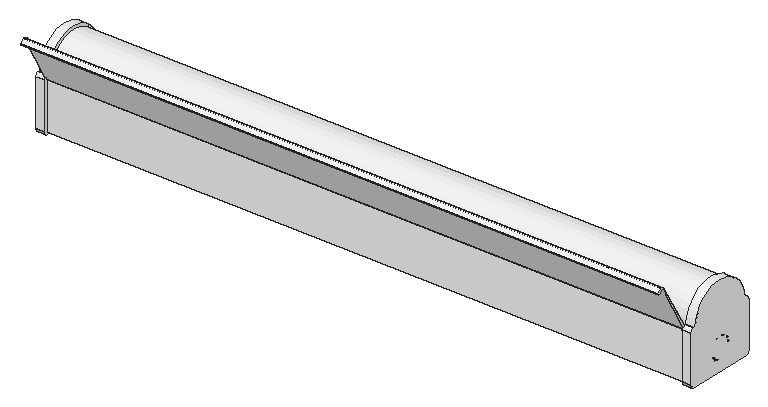
Revit family "0045194+0045232 Feilo Sylvania Lighting Fixture SYLBATTEN LED1 6000K DALI TP5 with ASYMMETRIC REFLECTOR ACCESSORY 600MM", category Lighting Fixtures, host Face, Revit 2017
Family settings
  Host = Face
  Round Connector Dimension = Use Diameter
  Part Type = Normal
  OmniClass Number = 23.80.70.00
  OmniClass Title = Lighting
  Cut with Voids When Loaded = No
  Light Source = Yes
  Shared = No
  Room Calculation Point = No
Parameters (values of type "0045194 SYLBATTEN LED1 6000K DALI TP5")
  Width_FEILO = 66 mm
  Weight = "1.5 kg"
  Wattage Comments = "n/a"
  Wattage = 11 W
  WarrantyStartDate [instance] = "n/a"
  WarrantyGuarantorParts = "n/a"
  WarrantyDurationUnit = "n/a"
  WarrantyDurationParts = "n/a"
  WarrantyDescription = "n/a"
  built-in parameter 1150110 = 1 (stored number, unit not read)
  Voltage = 230 V
  URL = "http://www.sylvania-lighting.com"
  TypeName = "SYLBATTEN LED1 6000K DALI TP5"
  Type Image = <None>
  Type Comments = "n/a"
  built-in parameter 1114217 = 1 (stored number, unit not read)
  Tilt Angle = -90.00°
  built-in parameter 1150109 = 1 (stored number, unit not read)
  built-in parameter 1150134 = 5
  SymReflector_FEILO = no
  built-in parameter 1150113 = 1 (stored number, unit not read)
  SerialNumber [instance] = "n/a"
  PowerFactor = 0
  PowerConsumption = "11 W"
  Photometric Web File = "0045194+0045232.ies"
  NominalLength = 605 mm
  NominalHeight = 76 mm
  NominalDepth = 66 mm
  Name = "SYLBATTEN LED1 6000K DALI TP5"
  ModelReference = Name  # "SYLBATTEN LED1 6000K DALI TP5"
  ModelNumber = "0045194"
  Model = Name  # "SYLBATTEN LED1 6000K DALI TP5"
  Material_4_FEILO = Reflector-Sylvania-Sylbatten-White
  Material_3_FEILO = Diffuser-Sylvania-Sylbatten-Glow
  Material_2_FEILO = Body-Sylvania-Sylbatten-White
  Material_1_FEILO = Body-Sylvania-Sylbatten-White
  Material = "sheet steel housing, polycarbonate diffuser"
  ManufacturerName = "Feilo Sylvania"
  Manufacturer = "Feilo Sylvania"
  LuminousEfficacy = "110 lm/W"
  built-in parameter 1150105 = 96.289 (stored number, unit not read)
  Lumens = 1210 lm
  LuminaireType = ""
  built-in parameter 1150115 = 1 (stored number, unit not read)
  LightOutputRatio = "100"
  built-in parameter 1150137 = (empty or 0)
  built-in parameter 1150139 = (empty or 0)
  Length_FEILO = 605 mm
  LampsType = Lamp  # "LED"
  LampNominalLuminous = "1210 lm"
  LampMacAdamStep = "n/a"
  LampColourTemperature = "6000 K"
  LampColourRenderingIndex = "80"
  built-in parameter 1150112 = 1 (stored number, unit not read)
  built-in parameter 1150114 = 1 (stored number, unit not read)
  Lamp = "LED"
  Keynote = "16500"
  InstallationDate [instance] = "n/a"
  InputVoltage = "220-240V~"
  InputNominalFrequency = "n/a"
  built-in parameter 1150132 = (empty or 0)
  built-in parameter 1150102 = (empty or 0)
  built-in parameter 1150107 = 6000 (stored number, unit not read)
  built-in parameter 1150138 = (empty or 0)
  IngressProtection = "IP20"
  ImpactProtectionIndex = "IK07"
  built-in parameter 1150106 = 0.96289 (stored number, unit not read)
  IfcExportType = "IfcLightFixtureType"
  IfcExportAs = "IfcLightFixtureType"
  Height_FEILO = 76 mm
  ExpectedLife = 50000
  Emit from Rectangle Width = Length_FEILO - 16 mm  # 589 mm
  Emit from Rectangle Length = Width_FEILO - 40 mm  # 26 mm
  Emit Shape Visible in Rendering = no
  ElectricShockClassification = "Class I"
  built-in parameter 1150104 = 10.219 (stored number, unit not read)
  DurationUnit = "hours"
  DocumentationLiterature = "http://www.sylvania-lighting.com/product/en-int/products/0045194"
  DimmingControlOptions = "Dimmable"
  Dimming Lamp Color Temperature Shift = <None>
  Description = "LED batten, T8 replacement, ease of installation through 2 part push-in design of the housing (safety cable included), through wiring capability (TP5 = 5 core), sheet steel, 1210LM, 11W, 110lm/W, 6000K, drive current: 350mA, CRI 80, 138° wide beam angle, DALI dimmable, IP20, IK07, 50,000 hrs (L70), (LxWxH) 605x66x76mm, 5 step MacAdam ellipse, 1.8kg, white RAL 9016, Class 1, 220-240V, energy class: A++, A+, A."
  Default Elevation = 1219.2 mm
  CreatedOn = "2/22/2018"
  CreatedBy = ""
  Cost = 0
  Color Filter = 16777215
  built-in parameter 1114216 [instance] = (empty or 0)
  ClassificationValue = "EF_70_80"
  ClassificationName = "Uniclass2015"
  CapOffset_FEILO = 2 mm
  BarCode [instance] = "n/a"
  built-in parameter 1114218 = 1 (stored number, unit not read)
  BackReflector_FEILO = and(not(AsymReflector_FEILO), SymReflector_FEILO)  # no
  built-in parameter 1150133 = 10 (stored number, unit not read)
  FrontReflector_FEILO = or(AsymReflector_FEILO, SymReflector_FEILO)  # yes
  AsymReflector_FEILO = yes
  AssetType = "Fixed"
  AssetIdentifier [instance] = "n/a"
  Assembly Code = "D5020200"
  Apparent Load = 11 VA
Reference planes
  plane 1 "Center (Front/Back)": y = 0
  plane 2: z = 0
  plane 3 "Center (Left/Right)": x = 0
  plane 4: x = 302.5
  plane 5: x = -302.5
  plane 6: y = 33
  plane 7: y = -33
  plane 8: z = 76
  plane 9: z = 47
  plane 10: y = -29
  plane 11: y = 29
  plane 12: z = 20
  plane 13: z = 74
  plane 14: y = -31
  plane 15: y = -27
  plane 16: y = 27
  plane 17: y = 31
  plane 18: z = 2
  plane 19: x = -294.5
  plane 20: x = 294.5
  plane 21: z = 49
  plane 22: y = 1
  plane 23: y = -1
  plane 24: z = 21
  plane 25: z = 19
  plane 26: y = -61
  plane 27: y = 61
  plane 28: y = -56
  plane 29: y = 56
  plane 30: z = 91
  plane 31: z = 88
Forms (mm)
  Extrusion 1, solid, material "Body-Sylvania-Sylbatten-White" <- "Material_2_FEILO"
    sketch origin (0, 0, 0) x (0, 1, 0) y (0, 0, 1)
      loop
        line (-31, 2) -> (31, 2) -> (31, 45)
        arc (31, 45) -> (30.414, 46.414) -> (29, 47) r 2
        line (29, 47) -> (27, 47)
        arc (27, 47) -> (0, 74) -> (-27, 47) r 27
        line (-27, 47) -> (-29, 47)
        arc (-29, 47) -> (-30.414, 46.414) -> (-31, 45) r 2
        line (-31, 45) -> (-31, 2)
    from -294.5 to 294.5
  Extrusion 2, solid, material "Body-Sylvania-Sylbatten-White" <- "Material_2_FEILO"
    sketch origin (302.5, 1524, 1219.2) x (0, 1, 0) y (0, 0, 1)
      loop
        arc (-1494, -1219.2) -> (-1491.879, -1218.321) -> (-1491, -1216.2) r 3
        line (-1491, -1216.2) -> (-1491, -1173.2)
        arc (-1491, -1173.2) -> (-1491.879, -1171.079) -> (-1494, -1170.2) r 3
        line (-1494, -1170.2) -> (-1495.069, -1170.2)
        arc (-1495.069, -1170.2) -> (-1524, -1143.2) -> (-1552.931, -1170.2) r 29
        line (-1552.931, -1170.2) -> (-1554, -1170.2)
        arc (-1554, -1170.2) -> (-1556.121, -1171.079) -> (-1557, -1173.2) r 3
        line (-1557, -1173.2) -> (-1557, -1216.2)
        arc (-1557, -1216.2) -> (-1556.121, -1218.321) -> (-1554, -1219.2) r 3
        line (-1554, -1219.2) -> (-1494, -1219.2)
      loop
        arc (-1525, -1189.25) -> (-1531.071, -1192.129) -> (-1533.95, -1198.2) r 10
        line (-1533.95, -1198.2) -> (-1532.944, -1198.2)
        arc (-1532.944, -1198.2) -> (-1530.364, -1192.836) -> (-1525, -1190.256) r 9
        line (-1525, -1190.256) -> (-1525, -1189.25)
      loop
        arc (-1523, -1190.256) -> (-1517.636, -1192.836) -> (-1515.056, -1198.2) r 9
        line (-1515.056, -1198.2) -> (-1514.05, -1198.2)
        arc (-1514.05, -1198.2) -> (-1516.929, -1192.129) -> (-1523, -1189.25) r 10
        line (-1523, -1189.25) -> (-1523, -1190.256)
      loop
        line (-1532.944, -1200.2) -> (-1533.95, -1200.2)
        arc (-1533.95, -1200.2) -> (-1531.071, -1206.271) -> (-1525, -1209.15) r 10
        line (-1525, -1209.15) -> (-1525, -1208.144)
        arc (-1525, -1208.144) -> (-1530.364, -1205.564) -> (-1532.944, -1200.2) r 9
      loop
        arc (-1515.056, -1200.2) -> (-1517.636, -1205.564) -> (-1523, -1208.144) r 9
        line (-1523, -1208.144) -> (-1523, -1209.15)
        arc (-1523, -1209.15) -> (-1516.929, -1206.271) -> (-1514.05, -1200.2) r 10
        line (-1514.05, -1200.2) -> (-1515.056, -1200.2)
    from 0 to -8
  Extrusion 3, solid, material "Body-Sylvania-Sylbatten-White" <- "Material_2_FEILO"
    sketch origin (-302.5, 1524, 1219.2) x (0, 1, 0) y (0, 0, 1)
      loop
        arc (-1495.069, -1170.2) -> (-1524, -1143.2) -> (-1552.931, -1170.2) r 29
        line (-1552.931, -1170.2) -> (-1554, -1170.2)
        arc (-1554, -1170.2) -> (-1556.121, -1171.079) -> (-1557, -1173.2) r 3
        line (-1557, -1173.2) -> (-1557, -1216.2)
        arc (-1557, -1216.2) -> (-1556.121, -1218.321) -> (-1554, -1219.2) r 3
        line (-1554, -1219.2) -> (-1494, -1219.2)
        arc (-1494, -1219.2) -> (-1491.879, -1218.321) -> (-1491, -1216.2) r 3
        line (-1491, -1216.2) -> (-1491, -1173.2)
        arc (-1491, -1173.2) -> (-1491.879, -1171.079) -> (-1494, -1170.2) r 3
        line (-1494, -1170.2) -> (-1495.069, -1170.2)
      loop
        line (-1533.95, -1198.2) -> (-1532.944, -1198.2)
        arc (-1532.944, -1198.2) -> (-1530.364, -1192.836) -> (-1525, -1190.256) r 9
        line (-1525, -1190.256) -> (-1525, -1189.25)
        arc (-1525, -1189.25) -> (-1531.071, -1192.129) -> (-1533.95, -1198.2) r 10
      loop
        line (-1523, -1189.25) -> (-1523, -1190.256)
        arc (-1523, -1190.256) -> (-1517.636, -1192.836) -> (-1515.056, -1198.2) r 9
        line (-1515.056, -1198.2) -> (-1514.05, -1198.2)
        arc (-1514.05, -1198.2) -> (-1516.929, -1192.129) -> (-1523, -1189.25) r 10
      loop
        line (-1514.05, -1200.2) -> (-1515.056, -1200.2)
        arc (-1515.056, -1200.2) -> (-1517.636, -1205.564) -> (-1523, -1208.144) r 9
        line (-1523, -1208.144) -> (-1523, -1209.15)
        arc (-1523, -1209.15) -> (-1516.929, -1206.271) -> (-1514.05, -1200.2) r 10
      loop
        line (-1525, -1209.15) -> (-1525, -1208.144)
        arc (-1525, -1208.144) -> (-1530.364, -1205.564) -> (-1532.944, -1200.2) r 9
        line (-1532.944, -1200.2) -> (-1533.95, -1200.2)
        arc (-1533.95, -1200.2) -> (-1531.071, -1206.271) -> (-1525, -1209.15) r 10
    from 0 to 8
  Extrusion 4, solid, material "Reflector-Sylvania-Sylbatten-White" <- "Material_4_FEILO", visible <- "FrontReflector_FEILO"
    sketch origin (0, 0, 0) x (0, 1, 0) y (0, 0, 1)
      loop
        line (-61.257, 88.429) -> (-60.743, 87.571) -> (-56.621, 90.044)
        arc (-56.621, 90.044) -> (-56.237, 90.099) -> (-55.929, 89.863) r 0.5
        line (-55.929, 89.863) -> (-31.435, 46.753) -> (-30.565, 47.247) -> (-55.312, 90.802)
        arc (-55.312, 90.802) -> (-55.928, 91.275) -> (-56.696, 91.165) r 1
        line (-56.696, 91.165) -> (-61.257, 88.429)
    from -294.5 to 294.5
  Extrusion 5, solid, material "Reflector-Sylvania-Sylbatten-White" <- "Material_4_FEILO", visible <- "BackReflector_FEILO"
    sketch origin (0, 0, 0) x (0, 1, 0) y (0, 0, 1)
      loop
        line (30.565, 47.247) -> (31.435, 46.753) -> (55.932, 89.868)
        arc (55.932, 89.868) -> (56.245, 90.112) -> (56.638, 90.062) r 0.518
        line (56.638, 90.062) -> (61.033, 87.565) -> (61.527, 88.435) -> (56.682, 91.188)
        arc (56.682, 91.188) -> (55.922, 91.282) -> (55.318, 90.812) r 1
        line (55.318, 90.812) -> (30.565, 47.247)
    from -294.5 to 294.5
Lines and regions (mm)
  reference lines
    curve 1: line (0, -61, 88) -> (0, -56, 91)
    curve 2: line (0, -56, 91) -> (0, -31, 47)
    curve 3: line (0, 31, 47) -> (0, 56, 91)
    curve 4: line (0, 56, 91) -> (0, 61.28, 88)
Dimensions and locks
  equal spacing: plane 5, plane 3 "Center (Left/Right)", plane 4
  equal spacing: plane 7, plane 1 "Center (Front/Back)", plane 6
  "Width_FEILO": plane 7 to plane 6
  "Length_FEILO": plane 5 to plane 4
  "Height_FEILO": plane 8 to plane 2
  locked: plane 9 to plane 8 at 29
  equal spacing: plane 10, plane 1 "Center (Front/Back)", plane 11
  locked: plane 7 to plane 10 at 4
  locked: plane 12 to plane 2 at 20
  "CapOffset_FEILO": plane 13 to plane 8
  "CapOffset_FEILO": plane 7 to plane 14
  "CapOffset_FEILO": plane 10 to plane 15
  "CapOffset_FEILO": plane 17 to plane 6
  "CapOffset_FEILO": plane 16 to plane 11
  "CapOffset_FEILO": plane 18 to plane 2
  locked: plane 14 to Extrusion 1 sketch curve at 2
  locked: Extrusion 1 sketch curve to plane 9 at 2  (x2)
  locked: plane 16 to Extrusion 1 sketch curve at 2
  equal spacing: plane 19, plane 3 "Center (Left/Right)", plane 20
  locked: plane 5 to plane 19 at 8
  "CapOffset_FEILO": plane 9 to plane 21
  locked: Extrusion 2 sketch curve to plane 2 at 47
  locked: Extrusion 1 sketch curve to plane 2 at 47
  locked: Extrusion 2 sketch curve to plane 2 at 3  (x2)
  locked: plane 7 to Extrusion 2 sketch curve at 3  (x2)
  locked: Extrusion 2 sketch curve to plane 6 at 3  (x2)
  locked: Extrusion 2 sketch curve to plane 21 at 3  (x2)
  equal spacing: plane 23, plane 1 "Center (Front/Back)", plane 22
  equal spacing: plane 25, plane 12, plane 24
  plane 30 to plane 31 to plane 2 = 3 mm locked, 88 mm locked
  plane 28 to plane 29 = 112 mm
  plane 26 to plane 27 = 122 mm
  aligned and locked: plane 2 to host face
  aligned and locked: level to host face
  aligned and locked: plane 18 to Extrusion 1 sketch curve
  aligned and locked: plane 14 to Extrusion 1 sketch curve
  aligned and locked: Extrusion 1 sketch curve to plane 9  (x2)
  aligned and locked: Extrusion 1 sketch curve to plane 17
  aligned and locked: plane 15 to Extrusion 1 sketch curve
  aligned and locked: plane 16 to Extrusion 1 sketch curve
  aligned and locked: plane 9 to Extrusion 1 sketch curve
  aligned and locked: plane 20 to Extrusion 1
  aligned and locked: level to Extrusion 2 sketch curve
  aligned and locked: Extrusion 2 sketch curve to plane 7
  aligned and locked: plane 21 to Extrusion 2 sketch curve
  aligned and locked: Extrusion 2 sketch curve to plane 21
  aligned and locked: plane 1 "Center (Front/Back)" to Extrusion 2 sketch curve  (x3)
  aligned and locked: Extrusion 2 to Extrusion 1
  aligned and locked: plane 4 to Extrusion 2
  aligned and locked: plane 12 to Extrusion 2 sketch curve  (x2)
  aligned and locked: Extrusion 2 sketch curve to plane 22
  aligned and locked: Extrusion 2 sketch curve to plane 23
  aligned and locked: Extrusion 2 sketch curve to plane 24
  aligned and locked: Extrusion 2 sketch curve to plane 25
  aligned and locked: plane 25 to Extrusion 2 sketch curve
  aligned and locked: plane 22 to Extrusion 2 sketch curve
  aligned and locked: plane 24 to Extrusion 2 sketch curve
  aligned and locked: plane 23 to Extrusion 2 sketch curve  (x2)
  aligned and locked: Extrusion 3 sketch curve to Extrusion 2  (x22)
  aligned and locked: Extrusion 3 to Extrusion 1
  aligned and locked: Extrusion 3 to plane 5
  aligned and locked: plane 19 to Extrusion 3
  aligned and locked: plane 31 to curve 1
  aligned and locked: plane 30 to curve 1
  aligned and locked: plane 14 to curve 2
  aligned and locked: plane 9 to curve 2
  aligned and locked: plane 17 to curve 3
  aligned and locked: plane 30 to curve 3
  aligned and locked: plane 31 to curve 4
  aligned and locked: Extrusion 4 sketch curve to curve 2
  aligned and locked: Extrusion 4 sketch curve to curve 1
  aligned and locked: Extrusion 4 to Extrusion 1
  aligned and locked: Extrusion 1 to Extrusion 4
  aligned and locked: imposter light to plane 1 "Center (Front/Back)"
  aligned and locked: imposter light to plane 3 "Center (Left/Right)"
  aligned and locked: imposter light to plane 13
  aligned and locked: Extrusion 5 sketch curve to curve 4
  aligned and locked: Extrusion 5 sketch curve to curve 3
  aligned and locked: Extrusion 1 to Extrusion 5
  aligned and locked: Extrusion 5 to Extrusion 1
Automatic sketch dimensions
  host sketch curve to host sketch curve = 2438.4 mm  (x2)
  Extrusion 2 sketch curve to Extrusion 2 sketch curve = 0 mm  (x14)
  Extrusion 2 sketch curve to plane 10 = 0.069 mm
  plane 23 to Extrusion 2 sketch curve = 8.95 mm
  Extrusion 2 sketch curve to Extrusion 2 sketch curve = 1.006 mm  (x4)
  Extrusion 2 sketch curve to plane 22 = 7.944 mm
  curve 1 to plane 26 = 0 mm
  curve 2 to plane 28 = 0 mm
  curve 4 to plane 29 = 0 mm
  plane 9 to curve 3 = 0 mm
  plane 26 to Extrusion 4 sketch curve = 0.257 mm
  Extrusion 4 sketch curve to plane 26 = 0.257 mm
  Extrusion 4 sketch curve to plane 30 = 0.165 mm
  plane 28 to Extrusion 4 sketch curve = 0.696 mm
  plane 28 to Extrusion 4 sketch curve = 0.621 mm
  plane 28 to Extrusion 4 sketch curve = 0.364 mm
  plane 28 to Extrusion 4 sketch curve = 0.182 mm
  Extrusion 4 sketch curve to plane 28 = 0.071 mm
  plane 30 to Extrusion 4 sketch curve = 0.198 mm
  Extrusion 4 sketch curve to plane 28 = 0.688 mm
  plane 9 to Extrusion 4 sketch curve = 0.247 mm
  plane 1 "Center (Front/Back)" to Extrusion 4 sketch curve = 31.435 mm
  Extrusion 5 sketch curve to plane 9 = 0.247 mm
  Extrusion 5 sketch curve to plane 1 "Center (Front/Back)" = 30.565 mm
  plane 9 to Extrusion 5 sketch curve = 0.247 mm
  plane 30 to Extrusion 5 sketch curve = 0.188 mm
  plane 29 to Extrusion 5 sketch curve = 0.068 mm
  Extrusion 5 sketch curve to plane 29 = 0.188 mm
  Extrusion 5 sketch curve to plane 29 = 0.382 mm
  Extrusion 5 sketch curve to Extrusion 5 sketch curve = 0.256 mm
  Extrusion 5 sketch curve to plane 30 = 0.188 mm
  Extrusion 5 sketch curve to plane 29 = 0.682 mm
  Extrusion 5 sketch curve to plane 27 = 0.033 mm
  Extrusion 5 sketch curve to plane 27 = 0.527 mm
Connectors
  electrical at (0, 0, 0), driven by "Apparent Load", driven by "PowerFactor", driven by "Voltage"
    settings: index 1, voltage 230 V, apparent load 11 VA, apparent load phase1 0 VA, apparent load phase2 0 VA, apparent load phase3 0 VA, power factor 0, load classification "Lighting", number of poles 1, system type 30, power factor state 1, is connector primary yes, connector utility no, sub classification motor no, connector description ""
